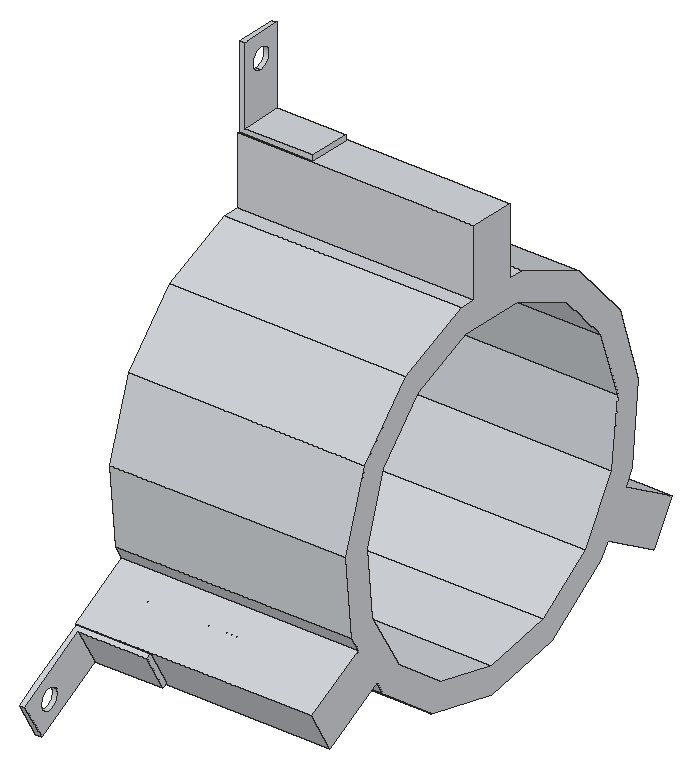
Revit family "HP100R", category Pipe Accessories, Revit 2021
Family settings
  Round Connector Dimension = Use Diameter
  Part Type = Breaks Into
  Work Plane-Based = No
  Always vertical = No
  Cut with Voids When Loaded = No
  Shared = No
Parameters
  URL = "https://www.snapcollars.com.au/"
  Model = "HP100R"
  Manufacturer = "Snap Fire Systems"
  Description = "The HP100R is a metal, retro-fit fire collar for concrete floor slabs and concrete and masonry walls."
  Default Elevation = 0 mm
Reference planes
  plane 1 "Center (Front/Back)": y = 0
  plane 2: z = 0
  plane 3 "Center (Left/Right)": x = -139.129
  plane 4: x = -230
  plane 5: x = -208.636
  plane 6: x = -210
Forms (mm)
  Extrusion 1, solid, material "PVC-White", not visible, detail levels fine
    sketch origin (0, 0, 0) x (1, 0, 0) y (0, 0, 1)
      loop
        line (-80, 60.418) -> (-227.967, 86.048) -> (-227.967, 69.12) -> (-80, 60.418)
    from -1.5 to 1.5
  Extrusion 2, solid, material "PVC-White", not visible, detail levels fine
    sketch origin (0, 0, 0) x (1, 0, 0) y (0, -0.5, 0.866025)
      loop
        line (-80, 60.418) -> (-227.967, 86.048) -> (-227.967, 69.12) -> (-80, 60.418)
    from -1.5 to 1.5
  Extrusion 3, solid, material "PVC-White", not visible, detail levels fine
    sketch origin (0, 0, 0) x (1, 0, 0) y (0, -0.866025, 0.5)
      loop
        line (-80, 60.418) -> (-227.967, 86.048) -> (-227.967, 69.12) -> (-80, 60.418)
    from -1.5 to 1.5
  Extrusion 4, solid, material "PVC-White", not visible, detail levels fine
    sketch origin (0, 0, 0) x (0, -1, 0) y (-1, 0, 0)
      loop
        line (60.418, 80) -> (86.048, 227.967) -> (69.12, 227.967) -> (60.418, 80)
    from -1.5 to 1.5
  Extrusion 5, solid, material "PVC-White", not visible, detail levels fine
    sketch origin (0, 0, 0) x (1, 0, 0) y (0, -0.866025, -0.5)
      loop
        line (-80, 60.418) -> (-227.967, 86.048) -> (-227.967, 69.12) -> (-80, 60.418)
    from -1.5 to 1.5
  Extrusion 6, solid, material "PVC-White", not visible, detail levels fine
    sketch origin (0, 0, 0) x (1, 0, 0) y (0, -0.5, -0.866025)
      loop
        line (-80, 60.418) -> (-227.967, 86.048) -> (-227.967, 69.12) -> (-80, 60.418)
    from -1.5 to 1.5
  Extrusion 7, solid, material "PVC-White", not visible, detail levels fine
    sketch origin (0, 0, 0) x (1, 0, 0) y (0, 0, -1)
      loop
        line (-80, 60.418) -> (-227.967, 86.048) -> (-227.967, 69.12) -> (-80, 60.418)
    from -1.5 to 1.5
  Extrusion 8, solid, material "PVC-White", not visible, detail levels fine
    sketch origin (0, 0, 0) x (1, 0, 0) y (0, 0.5, -0.866025)
      loop
        line (-80, 60.418) -> (-227.967, 86.048) -> (-227.967, 69.12) -> (-80, 60.418)
    from -1.5 to 1.5
  Extrusion 9, solid, material "PVC-White", not visible, detail levels fine
    sketch origin (0, 0, 0) x (1, 0, 0) y (0, 0.866025, -0.5)
      loop
        line (-80, 60.418) -> (-227.967, 86.048) -> (-227.967, 69.12) -> (-80, 60.418)
    from -1.5 to 1.5
  Extrusion 10, solid, material "PVC-White", not visible, detail levels fine
    sketch origin (0, 0, 0) x (1, 0, 0) y (0, 1, 0)
      loop
        line (-80, 60.418) -> (-227.967, 86.048) -> (-227.967, 69.12) -> (-80, 60.418)
    from -1.5 to 1.5
  Extrusion 11, solid, material "PVC-White", not visible, detail levels fine
    sketch origin (0, 0, 0) x (1, 0, 0) y (0, 0.866025, 0.5)
      loop
        line (-80, 60.418) -> (-227.967, 86.048) -> (-227.967, 69.12) -> (-80, 60.418)
    from -1.5 to 1.5
  Extrusion 12, solid, material "PVC-White", not visible, detail levels fine
    sketch origin (0, 0, 0) x (1, 0, 0) y (0, 0.5, 0.866025)
      loop
        line (-80, 60.418) -> (-227.967, 86.048) -> (-227.967, 69.12) -> (-80, 60.418)
    from -1.5 to 1.5
  Extrusion 13, solid
    sketch origin (-230, 2000, 1200) x (0, 1, 0) y (0, 0, 1)
      loop
        line (-2012.764, -1139.952) -> (-2036.084, -1150.335) -> (-2053.165, -1169.305) -> (-2061.054, -1193.583) -> (-2058.385, -1218.971) -> (-2045.622, -1241.078) -> (-2024.969, -1256.082) -> (-2000, -1261.39) -> (-1975.031, -1256.082) -> (-1954.378, -1241.078) -> (-1941.615, -1218.971) -> (-1938.946, -1193.583) -> (-1946.835, -1169.305) -> (-1963.916, -1150.335) -> (-1987.236, -1139.952) -> (-2012.764, -1139.952)
      loop
        line (-2014.879, -1130) -> (-2042.064, -1142.104) -> (-2061.976, -1164.218) -> (-2071.172, -1192.52) -> (-2068.061, -1222.114) -> (-2053.182, -1247.886) -> (-2029.108, -1265.377) -> (-2000, -1271.564) -> (-1970.892, -1265.377) -> (-1946.818, -1247.886) -> (-1931.939, -1222.114) -> (-1928.828, -1192.52) -> (-1938.024, -1164.218) -> (-1957.936, -1142.104) -> (-1985.121, -1130) -> (-2014.879, -1130)
    from 0 to 92
  Extrusion 14, solid, not visible
    sketch origin (-230, 23.225, 34.758) x (0, -0.92388, 0.382683) y (1, 0, 0)
      loop
        line (16.311, 91) -> (0, 91) -> (0, 65) -> (16.311, 65) -> (16.311, 91)
    from 0 to 3
  Extrusion 15, solid, not visible
    sketch origin (-230, 24.373, 37.53) x (0, -0.92388, 0.382683) y (1, 0, 0)
      loop
        line (16.311, 91) -> (0, 91) -> (0, 88) -> (16.311, 88) -> (16.311, 91)
    from 0 to 21
  Extrusion 16, solid, not visible
    sketch origin (-230, 29.556, 29.418) x (0, -0.828512, 0.559971) y (1, 0, 0)
      loop
        line (16.311, 91) -> (0, 91) -> (0, 65) -> (16.311, 65) -> (16.311, 91)
    from 0 to 3
  Extrusion 17, solid, not visible
    sketch origin (-230, 31.236, 31.904) x (0, -0.828512, 0.559971) y (1, 0, 0)
      loop
        line (16.311, 91) -> (0, 91) -> (0, 88) -> (16.311, 88) -> (16.311, 91)
    from 0 to 21
  Extrusion 18, solid, not visible
    sketch origin (-230, -15.852, 38.571) x (0, -0.83464, -0.550797) y (1, 0, 0)
      loop
        line (16.311, 91) -> (0, 91) -> (0, 65) -> (16.311, 65) -> (16.311, 91)
    from 0 to 3
  Extrusion 19, solid, not visible
    sketch origin (-230, -17.504, 41.075) x (0, -0.83464, -0.550797) y (1, 0, 0)
      loop
        line (16.311, 91) -> (0, 91) -> (0, 88) -> (16.311, 88) -> (16.311, 91)
    from 0 to 21
  Extrusion 20, solid, not visible
    sketch origin (-230, 29.261, -29.712) x (0, 0.564361, 0.825528) y (1, 0, 0)
      loop
        line (16.311, 91) -> (0, 91) -> (0, 65) -> (16.311, 65) -> (16.311, 91)
    from 0 to 3
  Extrusion 21, solid, not visible
    sketch origin (-230, 31.738, -31.405) x (0, 0.564361, 0.825528) y (1, 0, 0)
      loop
        line (16.311, 91) -> (0, 91) -> (0, 88) -> (16.311, 88) -> (16.311, 91)
    from 0 to 21
  Extrusion 22, solid, not visible
    sketch origin (-230, -38.657, -15.64) x (0, 0.54621, -0.837649) y (1, 0, 0)
      loop
        line (16.311, 91) -> (0, 91) -> (0, 65) -> (16.311, 65) -> (16.311, 91)
    from 0 to 3
  Extrusion 23, solid, not visible
    sketch origin (-230, -41.17, -17.279) x (0, 0.54621, -0.837649) y (1, 0, 0)
      loop
        line (16.311, 91) -> (0, 91) -> (0, 88) -> (16.311, 88) -> (16.311, 91)
    from 0 to 21
  Extrusion 24, solid
    sketch origin (0, 0, 41.882) x (1, 0, 0) y (0, 0, 1)
      loop
        line (-201.343, 54.118) -> (-201.343, 56.118) -> (-228.024, 56.118) -> (-228.024, 86.118) -> (-230, 86.118) -> (-230, 78) -> (-230, 54.118) -> (-201.343, 54.118)
    from -8 to 8
  Extrusion 25, void
    sketch origin (-228.024, 0, 132.882) x (0, 0, -1) y (0, 1, 0)
      loop
        circle (14, 0) r 4
    from -10.829 to 2.558
  Extrusion 26, solid, not visible
    sketch origin (0, 0, 41.882) x (1, 0, 0) y (0, 0, 1)
      loop
        line (-201.343, 54.118) -> (-201.343, 56.118) -> (-228.024, 56.118) -> (-228.024, 86.118) -> (-230, 86.118) -> (-230, 78) -> (-230, 54.118) -> (-201.343, 54.118)
    from -8 to 8
  Extrusion 27, void, not visible
    sketch origin (-228.024, 0, 132.882) x (0, 0, -1) y (0, 1, 0)
      loop
        circle (14, 0) r 4
    from -10.829 to 2.558
  Extrusion 28, solid
    sketch origin (0, -36.271, -20.941) x (1, 0, 0) y (0, -0.866025, -0.5)
      loop
        line (-201.343, 54.118) -> (-201.343, 56.118) -> (-228.024, 56.118) -> (-228.024, 86.118) -> (-230, 86.118) -> (-230, 78) -> (-230, 54.118) -> (-201.343, 54.118)
    from -8 to 8
  Extrusion 29, void
    sketch origin (-228.024, -115.079, -66.441) x (0, 0.866025, 0.5) y (0, -0.5, 0.866025)
      loop
        circle (14, 0) r 4
    from -10.829 to 2.558
  Extrusion 30, solid
    sketch origin (0, 36.271, -20.941) x (1, 0, 0) y (0, 0.866025, -0.5)
      loop
        line (-201.343, 54.118) -> (-201.343, 56.118) -> (-228.024, 56.118) -> (-228.024, 86.118) -> (-230, 86.118) -> (-230, 78) -> (-230, 54.118) -> (-201.343, 54.118)
    from -8 to 8
  Extrusion 31, void
    sketch origin (-228.024, 115.079, -66.441) x (0, -0.866025, 0.5) y (0, -0.5, -0.866025)
      loop
        circle (14, 0) r 4
    from -10.829 to 2.558
  Extrusion 32, solid
    sketch origin (0, 0, 26) x (1, 0, 0) y (0, 0, 1)
      loop
        line (-138, 41) -> (-138, 70) -> (-230, 70) -> (-230, 41) -> (-138, 41)
    from -8.715 to 8.715
  Extrusion 33, solid
    sketch origin (0, -22.517, -13) x (1, 0, 0) y (0, -0.866025, -0.5)
      loop
        line (-138, 41) -> (-138, 70) -> (-230, 70) -> (-230, 41) -> (-138, 41)
    from -8.715 to 8.715
  Extrusion 34, solid
    sketch origin (0, 22.517, -13) x (1, 0, 0) y (0, 0.866025, -0.5)
      loop
        line (-138, 41) -> (-138, 70) -> (-230, 70) -> (-230, 41) -> (-138, 41)
    from -8.715 to 8.715
Cuts and joins
  Extrusion 25, Extrusion 29 cuts Extrusion 24
  Extrusion 29 cuts Extrusion 28
  Extrusion 31 cuts Extrusion 30
  joined: Extrusion 13, Extrusion 32, Extrusion 33, Extrusion 34
Lines and regions (mm)
  model lines
    curve 1: circle (-230, 0, 0) r 31 normal (1, 0, 0)
    curve 2: circle (-230, 0, 0) r 128 normal (1, 0, 0)
    curve 3: circle (-230, 0, 0) r 118 normal (1, 0, 0)
Dimensions and locks
  locked: plane 4 to plane 3 "Center (Left/Right)" at 90.871
  Extrusion 1 sketch curve to Extrusion 1 sketch curve = 0 mm
  Extrusion 2 sketch curve to Extrusion 2 sketch curve = 0 mm
  Extrusion 3 sketch curve to Extrusion 3 sketch curve = 0 mm
  Extrusion 4 sketch curve to Extrusion 4 sketch curve = 0 mm
  Extrusion 5 sketch curve to Extrusion 5 sketch curve = 0 mm
  Extrusion 6 sketch curve to Extrusion 6 sketch curve = 0 mm
  Extrusion 7 sketch curve to Extrusion 7 sketch curve = 0 mm
  Extrusion 8 sketch curve to Extrusion 8 sketch curve = 0 mm
  Extrusion 9 sketch curve to Extrusion 9 sketch curve = 0 mm
  Extrusion 10 sketch curve to Extrusion 10 sketch curve = 0 mm
  Extrusion 11 sketch curve to Extrusion 11 sketch curve = 0 mm
  Extrusion 12 sketch curve to Extrusion 12 sketch curve = 0 mm
  aligned and locked: level to plane 2
Connectors
  piping at (-210, 0, 0), diameter 120
    settings: on plane 6, index 4, connector inside diameter 609.6 mm, connector length 0 mm, flow factor 0, pipe flow 0.0 L/s, pressure drop 0.0 Pa, fitting loss kfactor 0, connector angle 0.00°, fixture units 0, engagement length 0 mm, angle of deflection 0.00°, flow configuration 0, flow direction 0, fitting loss method 0, system type 7, joint type 0, gender type 0, connector reference index -1, connector utility 0, adjustable connector no, is connector primary yes, connector description ""
  piping at (-208.636, 0, 0), diameter 120
    settings: on plane 5, index 5, connector inside diameter 609.6 mm, connector length 0 mm, flow factor 0, pipe flow 0.0 L/s, pressure drop 0.0 Pa, fitting loss kfactor 0, connector angle 0.00°, fixture units 0, engagement length 0 mm, angle of deflection 0.00°, flow configuration 0, flow direction 0, fitting loss method 0, system type 7, joint type 0, gender type 0, connector reference index -1, connector utility 0, adjustable connector no, is connector primary no, connector description ""
